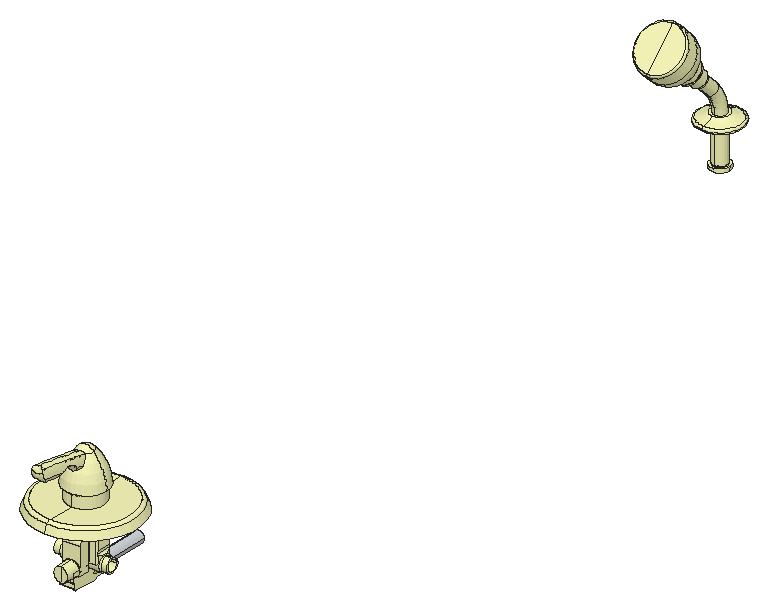
Revit family "9601-PLR", category Plumbing Fixtures, host Face, Revit 2019
Family settings
  Host = Face
  Round Connector Dimension = Use Diameter
  Part Type = Normal
  OmniClass Number = 23.65.70.11.11
  OmniClass Title = Fixtures for Liquids
  Cut with Voids When Loaded = No
  Shared = No
  Room Calculation Point = No
Parameters (values of type "1.2 GPM Flow Restrictor, Satin Nickel")
  z Wide Lever [instance] = 0
  z Visibility [instance] = yes
  z Valve [instance] = Shower_System_Valve-Symmons-Dia-Shower : Chrome
  z Type Model [instance] = 0
  z Type GPM = 0
  z Type [instance] = 0
  z Showerhead [instance] = Showerhead-Symmons-Dia_Single_Mode : Chrome
  z Reverse Core [instance] = 0
  z Pipe Radius = 0.000"
  z Overall Width = 0.000"
  z Overall Height [instance] = 0.000"
  z Overall Depth [instance] = 0.000"
  z Offset [instance] = 0.000"
  z Integral Service Stops [instance] = 0
  z Has Wide Lever Handle [instance] = yes
  z Has Volume Control [instance] = yes
  z Has Trim = no
  z Has Slip On Tub Spout [instance] = yes
  z Has Showerhead [instance] = yes
  z Has Reverse Core [instance] = yes
  z Has Rebuild Kit Trim Only = no
  z Has Integral Service Stops [instance] = yes
  z Has Check Stops [instance] = yes
  z Has 2.0 GPM Flow Restrictor [instance] = yes
  z Has 1.5 GPM Flow Restrictor [instance] = yes
  z Has .5 Inch Female Connections [instance] = yes
  z GPM Number = 0
  z GPM GPM = 0.000 GPM
  z Flow Rate [instance] = 0
  z Error Box Width [instance] = 0.000"
  z Error Box Height [instance] = 0.000"
  z Error Box Depth [instance] = 0.000"
  z .5 Inch Female Connections [instance] = 0
  z  Showerhead [instance] = 0
  Waste Connection = no
  Vent Connection = no
  URL = ""
  Product Material = Nickel - Symmons - Satin
  Model = ""
  Manufacturer = ""
  HW Connection = no
  Gallons Per Minute = 2.000 GPM
  Description = ""
  Default Elevation = 0.000"
  Date Modified = ""
  Date Created = ""
  CW Connection = no
Types (8): name | Product Material | Gallons Per Minute
  1.2 GPM Flow Restrictor, Chrome | Nickel - Symmons - Satin | 2.000 GPM
  1.2 GPM Flow Restrictor, Satin Nickel | Nickel - Symmons - Satin | 2.000 GPM
  1.5 GPM Flow Restrictor, Satin Nickel | Nickel - Symmons - Satin | 1.500 GPM
  1.75 GPM Flow Restrictor, Satin Nickel | Nickel - Symmons - Satin | 1.750 GPM
  2.0 GPM Flow Restrictor, Satin Nickel | Nickel - Symmons - Satin | 2.000 GPM
  1.5 GPM Flow Restrictor, Chrome | Chrome - Symmons - Polished | 1.500 GPM
  1.75 GPM Flow Restrictor, Chrome | Chrome - Symmons - Polished | 1.750 GPM
  2.0 GPM Flow Restrictor, Chrome | Chrome - Symmons - Polished | 2.000 GPM
Reference planes (in)
  plane 1 "Center (Front/Back)": y = 0
  plane 2 "Center (Elevation)": z = 0
  plane 3 "Center (Left/Right)": x = 0
  plane 4: x = -3.75
  plane 5: y = 28.5
  plane 6: x = 3.75
  plane 7: z = 0
  plane 8: z = 9.325
  plane 9: y = -12
  plane 10: y = 45
  plane 11: z = 0
Dimensions and locks (in)
  equal spacing: plane 4, plane 3 "Center (Left/Right)", plane 6
  plane 4 to plane 6 = 7.500"
  plane 5 to plane 1 "Center (Front/Back)" = 28.500"
  plane 7 to plane 2 "Center (Elevation)" = 0.000"
  plane 8 to plane 7 = 9.325"
  locked: plane 1 "Center (Front/Back)" to plane 9 at 12
  locked: plane 10 to plane 1 "Center (Front/Back)" at 45
  plane 11 to plane 7 = 0.000"
  plane 10 to plane 9 = 57.000"
  aligned and locked: plane 2 "Center (Elevation)" to host face
  aligned and locked: level to host face
Automatic sketch dimensions
  host sketch curve to host sketch curve = 7.44425"
  host sketch curve to host sketch curve = 60.71207"
Nested families (in)
  nested 1: "shower head" at (0, 48.73453, 0), type "Chrome"
    with z Pipe Radius 0.250", z Overall Width 2.500", z Overall Height 2.500", z Overall Depth 7.500", z Offset 1.000", Part Number "", Part Description "Single Mode Showerhead, 2.0 Flow Rate Restrictor, Chrome", Equipment Number ""
  nested 2: "M Valve&diverter" at (-0.00649, 3.69117, 0), type "Satin Nickel"
    with zz Length 9 4.000", zz Length 10 0.100", Part Number "3500-CYL-B", Part Description "Shower Valve System with Symmons Temptrol mixing valve,Chrome", Equipment Number ""
Connectors (in)
  piping at (0, 48.73453, -2.375), diameter 0.5
    settings: on nested 1, index 3, connector inside diameter 24", connector length 0.000", flow factor 0, pipe flow 0.000 GPM, pressure drop 0.00 psi, fitting loss kfactor 0, connector angle 0.000°, fixture units 0, engagement length 0.000", angle of deflection 0.000°, flow configuration 0, flow direction 0, fitting loss method 0, system type 29, joint type 0, gender type 0, connector reference index -1, connector utility 0, adjustable connector no, is connector primary yes, connector description "Shower Head Supply"
  piping at (-0.00649, 7.44117, -3.0625), diameter 0.5, driven by "Gallons Per Minute"
    settings: on nested 2, index 4, connector inside diameter 24", connector length 0.000", flow factor 0, pipe flow 2.000 GPM, pressure drop 0.00 psi, fitting loss kfactor 0, connector angle 0.000°, fixture units 0, engagement length 0.000", angle of deflection 0.000°, flow configuration 0, flow direction 0, fitting loss method 0, system type 29, joint type 0, gender type 0, connector reference index -1, connector utility 0, adjustable connector no, is connector primary no, connector description "Shower Head Supply"
  piping at (-1.12205, 3.69117, -2.3685), diameter 0.5, driven by "Gallons Per Minute"
    settings: on nested 2, index 5, connector inside diameter 24", connector length 0.000", flow factor 0, pipe flow 2.000 GPM, pressure drop 0.00 psi, fitting loss kfactor 0, connector angle 0.000°, fixture units 0, engagement length 0.000", angle of deflection 0.000°, flow configuration 0, flow direction 0, fitting loss method 0, system type 20, joint type 0, gender type 0, connector reference index -1, connector utility 0, adjustable connector no, is connector primary no, connector description "Cold Water Supply"
  piping at (1.02024, 3.69117, -2.3685), diameter 0.5, driven by "Gallons Per Minute"
    settings: on nested 2, index 6, connector inside diameter 24", connector length 0.000", flow factor 0, pipe flow 2.000 GPM, pressure drop 0.00 psi, fitting loss kfactor 0, connector angle 0.000°, fixture units 0, engagement length 0.000", angle of deflection 0.000°, flow configuration 0, flow direction 0, fitting loss method 0, system type 19, joint type 0, gender type 0, connector reference index -1, connector utility 0, adjustable connector no, is connector primary no, connector description "Hot Water Supply"
  piping at (-0.00649, 1.93917, -2.59375), diameter 0.5
    settings: on nested 2, index 7, connector inside diameter 24", connector length 0.000", flow factor 0, pipe flow 0.000 GPM, pressure drop 0.00 psi, fitting loss kfactor 0, connector angle 0.000°, fixture units 0, engagement length 0.000", angle of deflection 0.000°, flow configuration 0, flow direction 0, fitting loss method 0, system type 29, joint type 0, gender type 0, connector reference index -1, connector utility 0, adjustable connector no, is connector primary no, connector description "Faucet Supply"
Definition of nested family "shower head"
  Parameters (values of type "Chrome")
    z Type GPM = 2
    z Type Flow Restrictor = 1
    z Type Finish = 1
    z Pipe Radius [instance] = 0.500"
    z Overall Width [instance] = 2.500"
    z Overall Height [instance] = 2.500"
    z Overall Depth [instance] = 7.500"
    z Offset [instance] = 1.000"
    z GPM Number = 2
    z GPM GPM = 1.000 GPM
    URL = ""
    Product Page URL = ""
    Product Material = none
    Product Documentation Link = ""
    Part Number [instance] = ""
    Part Description [instance] = ""
    Model Disclaimer = ""
    Model = ""
    Manufacturer = ""
    Gallons Per Minute = 2.000 GPM
    Family Version = ""
    Equipment Number [instance] = ""
    Equipment Abbreviation = ""
    Description = ""
    Default Elevation = 77.000"
    Date Modified = ""
    Date Created = ""
    Copyright = ""
  Types (3): name | z Type GPM | z Type Flow Restrictor | z Type Finish | z Pipe Radius | z GPM Number | z GPM GPM | Gallons Per Minute | Default Elevation
    Chrome | 2 | 1 | 1 | 0.500" | 2 | 1.000 GPM | 2.000 GPM | 77.000"
    Satin Nickel | 0 | 0 | 0 | 0.250" | 0 | 0.000 GPM | 0.000 GPM | 0.000"
    Polished Chrome | 0 | 0 | 0 | 0.000" | 0 | 0.000 GPM | 0.000 GPM | 0.000"
  Reference planes (in)
    plane 1 "Center (Front/Back)": y = 0
    plane 2 "Center (Elevation)": z = 0
    plane 3 "Center (Left/Right)": x = 0
    plane 4: x = -1.25
    plane 5: y = 1.25
    plane 6: y = -1.25
    plane 7: x = 1.25
    plane 8: z = -1
    plane 9: z = 6.5
    plane 10: z = 0
    plane 11: y = -0.5
    plane 12: z = 0.33234
    plane 13: z = 0.15
    plane 14: y = -0.5695
  Forms (in)
    Extrusion 1, solid
      sketch origin (0, 0, 0) x (1, 0, 0) y (0, 1, 0)
        loop
          line (-1.75, 1.5) -> (-1.75, -1.77927) -> (1.52741, -1.77927) -> (1.52741, 1.5) -> (-1.75, 1.5)
      from 0 to -0.35383
    Revolve 2, solid, material <- "Product Material"
      sketch origin (0, 0, 0) x (0, 1, 0) y (0, 0, 1)
        loop
          line (0, 0.43) -> (-0.531, 0.43)
          arc (-0.531, 0.43) -> (-0.83077, 0.27718) -> (-1.152, 0.17705) r 1.98967
          arc (-1.152, 0.17705) -> (-1.22247, 0.13328) -> (-1.25, 0.05503) r 0.12497
          line (-1.25, 0.05503) -> (-1.25, 0) -> (-0.40524, 0) -> (-0.40524, -2.0983) -> (-0.37019, -2.11854) -> (-0.40524, -2.1364) -> (-0.40524, -2.16734) -> (-0.37033, -2.1875) -> (0, -2.1875) -> (0, 0.43)
        axis (0, -2.1875) -> (0, 0.43)
      angle from 0 to 360
    Revolve 3, solid, material <- "Product Material"
      sketch origin (0, 0, 0) x (0, 1, 0) y (0, 0, 1)
        loop
          line (-1.44893, 2.69442) -> (-4.27736, 5.52285) -> (-5.19512, 4.60509)
          arc (-5.19512, 4.60509) -> (-5.20669, 4.53512) -> (-5.17463, 4.47185) r 0.11397
          line (-5.17463, 4.47185) -> (-4.60328, 3.9005)
          arc (-4.60328, 3.9005) -> (-4.06, 3.55859) -> (-3.42138, 3.49354) r 1.40724
          arc (-3.42138, 3.49354) -> (-3.29656, 3.50007) -> (-3.18333, 3.44713) r 0.25784
          arc (-3.18333, 3.44713) -> (-3.16288, 3.42915) -> (-3.13674, 3.43676) r 0.02828
          line (-3.13674, 3.43676) -> (-3.09845, 3.47505) -> (-3.07648, 3.45308) -> (-3.11506, 3.4145) -> (-3.11506, 3.38343) -> (-3.08249, 3.416) -> (-3.02529, 3.4439) -> (-3.05483, 3.38834) -> (-3.03131, 3.36481) -> (-2.98876, 3.40736) -> (-2.96619, 3.38479) -> (-3.04685, 3.30413) -> (-2.85198, 3.10926) -> (-2.68557, 3.27567) -> (-2.66164, 3.24392) -> (-2.68364, 3.22193) -> (-2.636, 3.17429) -> (-2.67763, 3.13266) -> (-2.65558, 3.11061) -> (-2.7474, 3.01878)
          arc (-2.7474, 3.01878) -> (-2.70574, 3.00152) -> (-2.66407, 3.01878) r 0.05892
          line (-2.66407, 3.01878) -> (-2.54206, 3.14079)
          arc (-2.54206, 3.14079) -> (-2.44086, 3.09588) -> (-2.33184, 3.07652) r 0.45876
          line (-2.33184, 3.07652) -> (-2.26301, 3.00769) -> (-2.32244, 2.90048) -> (-1.92136, 2.49939) -> (-1.87345, 2.54729) -> (-1.85127, 2.52511) -> (-1.80643, 2.53464) -> (-1.81792, 2.49176) -> (-1.79616, 2.47) -> (-1.75329, 2.48149) -> (-1.76477, 2.43861) -> (-1.73476, 2.4086) -> (-1.44893, 2.69442)
        axis (-1.44893, 2.69442) -> (-4.27736, 5.52285)
      angle from 0 to 360
    Sweep 4, solid, material <- "Product Material"
      path origin (0, 0, 0) x (0, 1, 0) y (0, 0, 1)
        loop
          line (-1.4794, 2.72506) -> (-0.65089, 1.89655)
          arc (-0.65089, 1.89655) -> (-0.1891, 1.22379) -> (0, 0.43) r 2.23181
      profile origin (0, -1.06515, 2.3108) x (0, 0.707107, 0.707107) y (1, 0, 0)
        loop
          circle (-0.00012, 0) r 0.35413
    Extrusion 5, solid, material <- "Product Material"
      sketch origin (0, 0, 0) x (1, 0, 0) y (0, 1, 0)
        loop
          circle (0, 0) r 0.40524
        loop
          circle (0, 0) r 0.54462
      from -2.375 to -2.1875
  Lines and regions (in)
    Masking region 1
      outline origin (0, 0, 0) x (1, 0, 0) y (0, 0, 1)
        loop
          line (-1.25, 0) -> (-0.5, 0) -> (-0.5, -1) -> (0.5, -1) -> (0.5, 0) -> (1.25, 0) -> (1.25, 0.14959) -> (0.5695, 0.33234) -> (0.5, 0.33234) -> (0.5, 6.26256)
          spline (0.5, 6.26256) -> (0.53792, 6.27801) -> (0.5732, 6.29456) -> (0.60567, 6.31211) -> (0.63516, 6.33059) -> (0.66153, 6.3499) -> (0.68465, 6.36995) -> (0.70441, 6.39063) -> (0.72072, 6.41185) -> (0.73348, 6.43351) -> (0.74264, 6.45549) -> (0.74816, 6.47769) -> (0.75, 6.5)
          line (0.75, 6.5) -> (0.75, 7.07479) -> (1.25, 7.36347) -> (1.49591, 7.60938) -> (1.49591, 8.60938)
          spline (1.49591, 8.60938) -> (1.44494, 8.76866) -> (1.2955, 8.91709) -> (1.05777, 9.04454) -> (0.74795, 9.14235) -> (0.38717, 9.20383) -> (0, 9.2248) -> (-0.38717, 9.20383) -> (-0.74795, 9.14235) -> (-1.05777, 9.04454) -> (-1.2955, 8.91709) -> (-1.44494, 8.76866) -> (-1.49591, 8.60938)
          line (-1.49591, 8.60938) -> (-1.49591, 7.60938) -> (-1.25, 7.36347) -> (-0.75, 7.07479) -> (-0.75, 6.5)
          spline (-0.75, 6.5) -> (-0.74816, 6.47769) -> (-0.74264, 6.45549) -> (-0.73348, 6.43351) -> (-0.72072, 6.41185) -> (-0.70441, 6.39063) -> (-0.68465, 6.36995) -> (-0.66153, 6.3499) -> (-0.63516, 6.33059) -> (-0.60567, 6.31211) -> (-0.5732, 6.29456) -> (-0.53792, 6.27801) -> (-0.5, 6.26256)
          line (-0.5, 6.26256) -> (-0.5, 0.33234) -> (-0.5695, 0.33234) -> (-1.25, 0.14959) -> (-1.25, 0)
    symbolic lines, detail levels fine
      curve 1: line (-0.5, 0, 0.33234) -> (0.5, 0, 0.33234)
      curve 2: line (-1.25, 0, 0.14959) -> (1.25, 0, 0.14959)
      curve 3: spline (-0.5, 0, 6.26256) -> (-0.67885, 0, 6.36457) -> (-0.74948, 0, 6.48818) -> (-0.70063, 0, 6.61367) -> (-0.54008, 0, 6.72104) -> (-0.29343, 0, 6.79317) -> (0, 0, 6.81857) -> (0.29343, 0, 6.79317) -> (0.54008, 0, 6.72104) -> (0.70063, 0, 6.61367) -> (0.74948, 0, 6.48818) -> (0.67885, 0, 6.36457) -> (0.5, 0, 6.26256)
      curve 4: spline (-1.49591, 1.25, 7.60938) -> (-1.44494, 1.25, 7.80085) -> (-1.2955, 1.25, 7.97927) -> (-1.05777, 1.25, 8.13249) -> (-0.74795, 1.25, 8.25006) -> (-0.38717, 1.25, 8.32397) -> (0, 1.25, 8.34917) -> (0.38717, 1.25, 8.32397) -> (0.74795, 1.25, 8.25006) -> (1.05777, 1.25, 8.13249) -> (1.2955, 1.25, 7.97927) -> (1.44494, 1.25, 7.80085) -> (1.49591, 1.25, 7.60938)
      curve 5: spline (-0.5, 1.25, 6.5) -> (-0.48296, 1.25, 6.55497) -> (-0.43301, 1.25, 6.60619) -> (-0.35355, 1.25, 6.65017) -> (-0.25, 1.25, 6.68392) -> (-0.12941, 1.25, 6.70514) -> (0, 1.25, 6.71238) -> (0.12941, 1.25, 6.70514) -> (0.25, 1.25, 6.68392) -> (0.35355, 1.25, 6.65017) -> (0.43301, 1.25, 6.60619) -> (0.48296, 1.25, 6.55497) -> (0.5, 1.25, 6.5)
      curve 6: line (-0.5, 1.25, 6.5) -> (-0.5, 1.25, 6.26256)
      curve 7: line (0.5, 1.25, 6.5) -> (0.5, 1.25, 6.26256)
  Dimensions and locks (in)
    equal spacing: plane 4, plane 3 "Center (Left/Right)", plane 7
    "z Overall Width": plane 4 to plane 7
    equal spacing: plane 5, plane 1 "Center (Front/Back)", plane 6
    "z Overall Height": plane 5 to plane 6
    "z Overall Depth": plane 9 to plane 8
    plane 12 to plane 13 to plane 10 to plane 8 = 0.18234" locked, 0.150" locked, 1.000" locked
    plane 6 to plane 14 to plane 11 = 0.6805" locked, 0.0695" locked
    "z Offset": plane 2 "Center (Elevation)" to plane 8
    Masking region 1 sketch curve to Masking region 1 sketch curve to Masking region 1 sketch curve to Masking region 1 sketch curve to Masking region 1 sketch curve to plane 3 "Center (Left/Right)" to Masking region 1 sketch curve to Masking region 1 sketch curve to Masking region 1 sketch curve to Masking region 1 sketch curve to Masking region 1 sketch curve = 0.74591" locked, 0.1805" locked, 0.0695" locked, 0.000" locked, 0.500" locked, 0.500" locked, 0.000" locked, 0.0695" locked, 0.1805" locked, 0.74591" locked
    Masking region 1 sketch curve to Masking region 1 sketch curve to plane 2 "Center (Elevation)" = 0.000" locked, 0.33234" locked
    locked: curve 2 to plane 8 at 1.14959
    equal spacing: curve 1, plane 3 "Center (Left/Right)", curve 1
    locked: curve 1 to curve 1 at 1
    locked: curve 1 to plane 8 at 1.33234
    equal spacing: curve 3, plane 3 "Center (Left/Right)", curve 3
    locked: curve 3 to curve 3 at 1
    locked: curve 4 to plane 9 at 1.10938
    equal spacing: curve 4, plane 3 "Center (Left/Right)", curve 4
    locked: curve 4 to curve 4 at 2.99182
    curve 4 to curve 4 to plane 9 = 0.000" locked, 1.10938" locked
    Masking region 1 sketch curve to plane 9 to Masking region 1 sketch curve to Masking region 1 sketch curve to Masking region 1 sketch curve = 0.000" locked, 0.000" locked, 0.23744" locked, 0.000" locked
    plane 9 to curve 6 to curve 7 = 0.23744" locked, 0.000" locked
    aligned and locked: plane 2 "Center (Elevation)" to Extrusion 1
    aligned and locked: level to Extrusion 1
    aligned and locked: Revolve 2 sketch curve to plane 1 "Center (Front/Back)"
    aligned and locked: Masking region 1 sketch curve to plane 8
    aligned and locked: Masking region 1 sketch curve to plane 2 "Center (Elevation)"  (x2)
    aligned and locked: plane 7 to curve 2
    aligned and locked: plane 4 to curve 2
    aligned and locked: plane 9 to Masking region 1 sketch curve  (x2)
    aligned and locked: plane 3 "Center (Left/Right)" to Masking region 1 sketch curve  (x2)
    aligned and locked: plane 9 to curve 5  (x2)
    aligned and locked: plane 3 "Center (Left/Right)" to curve 5
    aligned and locked: plane 9 to curve 6
  Automatic sketch dimensions
    Extrusion 1 sketch curve to Extrusion 1 sketch curve = 3.27741"
    Extrusion 1 sketch curve to Extrusion 1 sketch curve = 3.27927"
    Masking region 1 sketch curve to plane 4 = 0.000"  (x2)
    Masking region 1 sketch curve to plane 7 = 0.000"  (x2)
    Masking region 1 sketch curve to Masking region 1 sketch curve = 0.14959"  (x2)
    Masking region 1 sketch curve to Masking region 1 sketch curve = 0.57479"  (x2)
    Masking region 1 sketch curve to Masking region 1 sketch curve = 0.28868"  (x2)
    Masking region 1 sketch curve to Masking region 1 sketch curve = 0.24591"  (x2)
    Masking region 1 sketch curve to Masking region 1 sketch curve = 1.000"
    curve 3 to plane 9 = 0.000"
    curve 3 to plane 3 "Center (Left/Right)" = 0.000"
    curve 3 to curve 3 = 0.250"
    curve 5 to curve 5 = 0.500"
    curve 3 to plane 9 = 0.23744"
    Revolve 2 sketch curve to level = 0.000"
    Revolve 2 sketch curve to plane 6 = 0.000"
    Revolve 2 sketch curve to plane 1 "Center (Front/Back)" = 0.000"
    Revolve 2 sketch curve to plane 6 = 0.33133"
    level to Revolve 2 sketch curve = 0.05503"
    plane 6 to Revolve 2 sketch curve = 0.12497"
    Revolve 2 sketch curve to plane 11 = 0.031"
    plane 11 to Revolve 2 sketch curve = 0.09476"
    Revolve 2 sketch curve to Revolve 2 sketch curve = 0.000"
    Revolve 2 sketch curve to Revolve 2 sketch curve = 0.03491"
    Revolve 2 sketch curve to plane 8 = 1.0983"
    Revolve 2 sketch curve to Revolve 2 sketch curve = 0.02016"
    plane 12 to Revolve 2 sketch curve = 0.09766"
    plane 12 to Revolve 2 sketch curve = 1.78751"
    Revolve 2 sketch curve to Revolve 2 sketch curve = 0.03505"
    Revolve 2 sketch curve to Revolve 2 sketch curve = 0.02024"
    Revolve 2 sketch curve to Revolve 2 sketch curve = 0.03095"
    Revolve 2 sketch curve to Revolve 2 sketch curve = 21.8125"
    plane 9 to Revolve 2 sketch curve = 79.77586"
    Revolve 2 sketch curve to Revolve 2 sketch curve = 0.03809"
    Revolve 3 sketch curve to plane 9 = 1.89491"
    Revolve 3 sketch curve to plane 6 = 3.94512"
    Revolve 3 sketch curve to plane 9 = 2.02815"
    Revolve 3 sketch curve to Revolve 3 sketch curve = 0.02049"
    Revolve 3 sketch curve to Revolve 3 sketch curve = 0.10108"
    Revolve 3 sketch curve to Revolve 3 sketch curve = 0.57135"  (x2)
    Revolve 3 sketch curve to plane 9 = 0.97715"  (x2)
    Revolve 3 sketch curve to Revolve 3 sketch curve = 0.81669"
    Revolve 3 sketch curve to Revolve 3 sketch curve = 0.67551"
    Revolve 3 sketch curve to Revolve 3 sketch curve = 1.25738"
    Revolve 3 sketch curve to Revolve 3 sketch curve = 0.18916"
    Revolve 3 sketch curve to Revolve 3 sketch curve = 0.020"  (x2)
    Revolve 3 sketch curve to Revolve 3 sketch curve = 0.02168"
    Revolve 3 sketch curve to Revolve 3 sketch curve = 0.03829"
    Revolve 3 sketch curve to Revolve 3 sketch curve = 0.03257"
    Revolve 3 sketch curve to Revolve 3 sketch curve = 0.02197"
    Revolve 3 sketch curve to Revolve 3 sketch curve = 0.02766"
    Revolve 3 sketch curve to Revolve 3 sketch curve = 0.00798"
    Revolve 3 sketch curve to Revolve 3 sketch curve = 0.02353"
    Revolve 3 sketch curve to Revolve 3 sketch curve = 0.05118"
    Revolve 3 sketch curve to Revolve 3 sketch curve = 0.03653"  (x2)
    Revolve 3 sketch curve to Revolve 3 sketch curve = 0.02257"
    Revolve 3 sketch curve to Revolve 3 sketch curve = 0.19487"
    Revolve 3 sketch curve to Revolve 3 sketch curve = 0.10458"
    Revolve 3 sketch curve to Revolve 3 sketch curve = 0.04167"  (x3)
    Revolve 3 sketch curve to Revolve 3 sketch curve = 0.02017"
    Revolve 3 sketch curve to Revolve 3 sketch curve = 0.00193"
    Revolve 3 sketch curve to Revolve 3 sketch curve = 0.02811"
    Revolve 3 sketch curve to Revolve 3 sketch curve = 0.02199"
    Revolve 3 sketch curve to Revolve 3 sketch curve = 0.02205"
    Revolve 3 sketch curve to Revolve 3 sketch curve = 0.04163"
    Revolve 3 sketch curve to Revolve 3 sketch curve = 0.09394"
    Revolve 3 sketch curve to Revolve 3 sketch curve = 0.21022"
    Revolve 3 sketch curve to Revolve 3 sketch curve = 0.0094"
    Revolve 3 sketch curve to Revolve 3 sketch curve = 0.35491"
    Revolve 3 sketch curve to Revolve 3 sketch curve = 0.06883"  (x2)
    Revolve 3 sketch curve to Revolve 3 sketch curve = 0.40108"
    Revolve 3 sketch curve to Revolve 3 sketch curve = 0.0479"
    Revolve 3 sketch curve to Revolve 3 sketch curve = 0.02219"
    Revolve 3 sketch curve to Revolve 3 sketch curve = 0.03334"  (x2)
    Revolve 3 sketch curve to Revolve 3 sketch curve = 0.01149"  (x2)
    Revolve 3 sketch curve to Revolve 3 sketch curve = 0.02176"  (x2)
    Revolve 3 sketch curve to Revolve 3 sketch curve = 0.03139"  (x2)
    Revolve 3 sketch curve to Revolve 3 sketch curve = 0.04287"  (x2)
    Revolve 3 sketch curve to Revolve 3 sketch curve = 0.03002"
    Revolve 3 sketch curve to plane 6 = 0.19893"
    Revolve 3 sketch curve to Revolve 3 sketch curve = 0.00763"
    Revolve 3 sketch curve to Revolve 3 sketch curve = 0.10722"
    Revolve 3 sketch curve to Revolve 3 sketch curve = 0.1183"
    Revolve 3 sketch curve to Revolve 3 sketch curve = 0.09048"
    Revolve 3 sketch curve to Revolve 3 sketch curve = 0.05016"
    Revolve 3 sketch curve to Revolve 3 sketch curve = 0.0335"
    Revolve 3 sketch curve to Revolve 3 sketch curve = 0.13773"
    Revolve 3 sketch curve to Revolve 3 sketch curve = 0.03175"
    Revolve 3 sketch curve to Revolve 3 sketch curve = 0.00491"
    Revolve 3 sketch curve to Revolve 3 sketch curve = 0.03106"
    Revolve 3 sketch curve to Revolve 3 sketch curve = 0.0015"
    Revolve 3 sketch curve to Revolve 3 sketch curve = 0.02226"
    Revolve 3 sketch curve to Revolve 3 sketch curve = 0.63369"
    Revolve 3 sketch curve to Revolve 3 sketch curve = 0.000"  (x3)
    Revolve 3 sketch curve to Revolve 3 sketch curve = 0.07548"
    Sweep 4 sketch curve to plane 1 "Center (Front/Back)" = 0.000"
    level to Sweep 4 sketch curve = 0.31842"
    Sweep 4 sketch curve to plane 6 = 0.97902"
    plane 6 to Sweep 4 sketch curve = 0.59911"
    Sweep 4 sketch curve to plane 6 = 0.2294"
    level to Sweep 4 sketch curve = 0.430"
    Sweep 4 sketch curve to Sweep 4 sketch curve = 0.82851"
    Sweep 4 sketch curve to plane 3 "Center (Left/Right)" = 0.000"
    profile plane to Sweep 4 sketch curve = 0.00012"
    Sweep 4 sketch curve to Sweep 4 sketch curve = 0.35413"
    Extrusion 5 sketch curve to Extrusion 5 sketch curve = 0.000"  (x2)
    plane 1 "Center (Front/Back)" to Extrusion 5 sketch curve = 0.000"
    Extrusion 5 sketch curve to plane 3 "Center (Left/Right)" = 0.000"
    radius of Extrusion 5 sketch curve = 0.40524"
    radius of Extrusion 5 sketch curve = 0.54462"
  Connectors (in)
    piping at (0, 0, -2.375), diameter 1
      settings: on Extrusion 5, index 1, connector inside diameter 24", connector length 0.000", flow factor 0, pipe flow 0.000 GPM, pressure drop 0.00 psi, fitting loss kfactor 0, connector angle 0.000°, fixture units 0, engagement length 0.000", angle of deflection 0.000°, flow configuration 0, flow direction 0, fitting loss method 0, system type 7, joint type 0, gender type 0, connector reference index -1, connector utility 0, adjustable connector no, is connector primary yes, connector description ""
Definition of nested family "M Valve&diverter"
  Parameters (values of type "Chrome")
    zz Text 2 = "None Selected"
    zz Text 1 = "None Selected"
    zz Length 9 [instance] = 4.000"  # constant formula
    zz Length 10 [instance] = 0.100"
    URL = "http://www.symmons.com/"
    Product Page URL = "http://www.symmons.com/Bathroom-Products/Dia/Symmons-Dia-Shower-Valve-3500-CYL-B.aspx"
    Product Material = none
    Product Documentation Link = "http://www.symmons.com/~/media/Files/Symmons/Products/Dia/3500CYL_Dia_sub.pdf"
    Part Number [instance] = Model  # "3500-CYL-B"
    Part Description [instance] = Description  # "Shower Valve System with Symmons Temptrol mixing valve,Chrome"
    Model Disclaimer = "Contact Symmons Industries, Inc. For More Information"  # constant formula
    Model = "3500-CYL-B"
    Manufacturer = "Symmons Industries, Inc."  # constant formula
    Family Version = "1.0"  # constant formula
    Equipment Number [instance] = ""
    Equipment Abbreviation = "SVS"
    Description = "Shower Valve System with Symmons Temptrol mixing valve,Chrome"
    Default Elevation = 0.000"  # constant formula
    Date Modified = "January 30, 2015"  # constant formula
    Date Created = "January 30, 2015"  # constant formula
    Copyright = "©2015 Symmons Industries, Inc."  # constant formula
  Types (2): name
    Chrome
    Satin Nickel
  Reference planes (in)
    plane 1 "Center (Front/Back)": y = 0
    plane 2 "Center (Elevation)": z = 0
    plane 3 "Center (Left/Right)": x = 0
    plane 4: x = -16
    plane 5: y = 3.75
    plane 6: y = -3.75
    plane 7: x = 16
    plane 8: z = 0
    plane 9: x = 3.25
    plane 10: x = -3.25
    plane 11: y = -5.75
  Forms (in)
    Extrusion 1, solid, material <- "Product Material"
      sketch origin (0, 0, 0) x (1, 0, 0) y (0, 1, 0)
        loop
          line (-3.25, 3.75) -> (-3.25, -3.75) -> (3.25, -3.75) -> (3.25, 3.75) -> (-3.25, 3.75)
      from 0 to -0.49403
    Revolve 2, solid, material <- "Product Material"
      sketch origin (0, 0, 0) x (0, 1, 0) y (0, 0, 1)
        loop
          arc (0.78273, -0.21014) -> (0.79592, -0.17085) -> (0.83013, -0.14747) r 0.06513
          arc (0.83013, -0.14747) -> (0.84009, -0.12344) -> (0.84348, -0.09765) r 0.09964
          line (0.84348, -0.09765) -> (0.84348, 0) -> (0, 0) -> (0, -2.3428) -> (0.57152, -2.3428) -> (0.57152, -1.79847)
          arc (0.57152, -1.79847) -> (0.58367, -1.75995) -> (0.61571, -1.73536) r 0.06717
          arc (0.61571, -1.73536) -> (0.64467, -1.71314) -> (0.65565, -1.67832) r 0.06069
          line (0.65565, -1.67832) -> (0.65565, -1.20182)
          arc (0.65565, -1.20182) -> (0.6595, -1.17998) -> (0.67059, -1.16078) r 0.06385
          arc (0.67059, -1.16078) -> (0.68279, -1.13963) -> (0.68703, -1.11559) r 0.07029
          line (0.68703, -1.11559) -> (0.68703, -0.86559)
          arc (0.68703, -0.86559) -> (0.70132, -0.82632) -> (0.72818, -0.79431) r 0.12032
          arc (0.72818, -0.79431) -> (0.74375, -0.77402) -> (0.74929, -0.74906) r 0.05908
          line (0.74929, -0.74906) -> (0.74929, -0.5749)
          arc (0.74929, -0.5749) -> (0.7572, -0.52575) -> (0.78273, -0.48301) r 0.13217
          line (0.78273, -0.48301) -> (0.78273, -0.21014)
        axis (0, 0) -> (0, -2.3428)
      angle from 0 to 360
    Extrusion 3, solid, material <- "Product Material"
      sketch origin (0, 0, 0) x (1, 0, 0) y (0, 1, 0)
        loop
          line (0.48392, 0.42426) -> (0.48392, -0.48198)
          arc (0.48392, -0.48198) -> (0.50866, -0.44973) -> (0.54744, -0.4375) r 0.0676
          line (0.54744, -0.4375) -> (0.91492, -0.4375)
          arc (0.91492, -0.4375) -> (0.98057, -0.42784) -> (1.02672, -0.38015) r 0.10307
          arc (1.02672, -0.38015) -> (1.112, 0) -> (1.02672, 0.38015) r 0.88995
          arc (1.02672, 0.38015) -> (0.97002, 0.41289) -> (0.90554, 0.42426) r 0.18853
          line (0.90554, 0.42426) -> (0.48392, 0.42426)
      from -2.3428 to -0.48301
    Extrusion 4, void
      sketch origin (0, 0, 0) x (1, 0, 0) y (0, 0, 1)
        loop
          arc (1.12128, -0.64291) -> (1.05254, -0.69934) -> (1.02672, -0.78444) r 0.15319
          line (1.02672, -0.78444) -> (1.02672, -1.625) -> (1.00118, -1.76989)
          arc (1.00118, -1.76989) -> (1.0257, -1.88053) -> (1.12128, -1.94142) r 0.14807
          line (1.12128, -1.94142) -> (1.12128, -0.64291)
      from -0.53605 to 0.48198
    Extrusion 5, solid, material <- "Product Material"
      sketch origin (0, 0, 0) x (0, 1, 0) y (0, 0, 1)
        loop
          line (-0.45569, -0.88434) -> (-0.80233, -1.04779)
          arc (-0.80233, -1.04779) -> (-0.93476, -1.17702) -> (-0.98338, -1.35555) r 0.35209
          line (-0.98338, -1.35555) -> (-0.98338, -2.36089)
          arc (-0.98338, -2.36089) -> (-1.01729, -2.59628) -> (-1.11624, -2.81253) r 0.83411
          line (-1.11624, -2.81253) -> (-0.45569, -2.81253) -> (-0.45569, -0.88434)
      from -0.48892 to 0.48392
    Revolve 6, solid, material <- "Product Material"
      sketch origin (0, 0, 0) x (1, 0, 0) y (0, 0, 1)
        loop
          line (-1.5, -2.375) -> (0, -2.375) -> (0, -1.93862) -> (-1.11556, -1.93862) -> (-1.15085, -1.99974) -> (-1.5, -1.99974) -> (-1.5, -2.375)
        axis (-1.5, -2.375) -> (0, -2.375)
      angle from 0 to 360
    Revolve 7, solid, material <- "Product Material"
      sketch origin (0, 0, 0) x (-1, 0, 0) y (0, 0, 1)
        loop
          line (-1.5, -2.375) -> (0, -2.375) -> (0, -1.93862) -> (-1.11556, -1.93862) -> (-1.15085, -1.99974) -> (-1.5, -1.99974) -> (-1.5, -2.375)
        axis (-1.5, -2.375) -> (0, -2.375)
      angle from 0 to 360
    Revolve 8, solid, material <- "Product Material"
      sketch origin (0, 0, 0) x (0, 1, 0) y (0, 0, 1)
        loop
          line (-1.752, -2.59375) -> (-0.9385, -2.59375) -> (-0.92928, -2.10687) -> (-0.9625, -2.10687)
          arc (-0.9625, -2.10687) -> (-0.98073, -2.15089) -> (-1.02475, -2.16912) r 0.06225
          line (-1.02475, -2.16912) -> (-1.752, -2.19419) -> (-1.752, -2.59375)
        axis (-1.752, -2.59375) -> (-0.92928, -2.59375)
      angle from 0 to 360
    Extrusion 9, solid, material <- "Product Material"
      sketch origin (0, 0, 0) x (0, 1, 0) y (0, 0, 1)
        loop
          arc (-1.42289, -3.00473) -> (-1.34077, -3.03875) -> (-1.30675, -3.12087) r 0.11615
          line (-1.30675, -3.12087) -> (-1.30675, -3.38372)
          arc (-1.30675, -3.38372) -> (-1.28934, -3.42574) -> (-1.24732, -3.44315) r 0.05943
          line (-1.24732, -3.44315) -> (0, -3.5)
          arc (0, -3.5) -> (0.14006, -3.49083) -> (0.27481, -3.45154) r 0.64421
          arc (0.27481, -3.45154) -> (0.43086, -3.39856) -> (0.5925, -3.36642) r 1.25845
          line (0.5925, -3.36642) -> (0.5925, -2.61642)
          arc (0.5925, -2.61642) -> (0.48406, -2.62305) -> (0.41944, -2.53572) r 0.11385
          line (0.41944, -2.53572) -> (-1.42289, -2.53572) -> (-1.42289, -3.00473)
      from -0.435 to 0.435
    Revolve 10, solid, material <- "Product Material"
      sketch origin (0, 0, 0) x (0, 1, 0) y (0, 0, 1)
        loop
          line (3.75, -2.7503) -> (1.30968, -2.7503) -> (1.30968, -2.68666) -> (1.28596, -2.66294) -> (0.03673, -2.61932) -> (0.02125, -3.0625) -> (3.75, -3.0625) -> (3.75, -2.7503)
        axis (3.75, -3.0625) -> (0.02125, -3.0625)
      angle from 0 to 360
    Extrusion 11, void
      sketch origin (0, 0, 0) x (0, 1, 0) y (0, 0, 1)
        loop
          circle (0, -2.3685) r 0.32942
      from 1.02672 to 1.55897
    Extrusion 12, void
      sketch origin (0, 0, 0) x (0, 1, 0) y (0, 0, 1)
        loop
          circle (0, -2.3685) r 0.31609
      from -1.52114 to -1.11556
    Extrusion 13, void
      sketch origin (0, 0, 0) x (1, 0, 0) y (0, 0, 1)
        loop
          circle (0, -3.0625) r 0.29035
      from -3.97508 to -1.47369
    Extrusion 14, solid, material <- "Product Material"
      sketch origin (0, 0, 0) x (1, 0, 0) y (0, 1, 0)
        loop
          arc (1.08564, 0.21875) -> (1.02508, 0.24383) -> (1, 0.30439) r 0.08564
          line (1, 0.30439) -> (1, -0.30345)
          arc (1, -0.30345) -> (1.02481, -0.24356) -> (1.0847, -0.21875) r 0.0847
          line (1.0847, -0.21875) -> (1.43326, -0.21875)
          arc (1.43326, -0.21875) -> (1.47484, -0.20186) -> (1.5, -0.16471) r 0.07721
          line (1.5, -0.16471) -> (1.5, 0.15076)
          arc (1.5, 0.15076) -> (1.48008, 0.19883) -> (1.43201, 0.21875) r 0.06799
          line (1.43201, 0.21875) -> (1.08564, 0.21875)
      from -0.65249 to -0.48301
    Extrusion 15, solid, material <- "Product Material"
      sketch origin (0, 0, 0) x (-1, 0, 0) y (0, -1, 0)
        loop
          line (1.08564, -0.21875) -> (1.43201, -0.21875)
          arc (1.43201, -0.21875) -> (1.48008, -0.19883) -> (1.5, -0.15076) r 0.06799
          line (1.5, -0.15076) -> (1.5, 0.16471)
          arc (1.5, 0.16471) -> (1.47484, 0.20186) -> (1.43326, 0.21875) r 0.07721
          line (1.43326, 0.21875) -> (1.0847, 0.21875)
          arc (1.0847, 0.21875) -> (1.02481, 0.24356) -> (1, 0.30345) r 0.0847
          line (1, 0.30345) -> (1, -0.30439)
          arc (1, -0.30439) -> (1.02508, -0.24383) -> (1.08564, -0.21875) r 0.08564
      from -0.65249 to -0.48301
    Extrusion 16, solid, material <- "Product Material", not visible
      sketch origin (1.5, 0, -2.375) x (0, 1, 0) y (0, 0, 1)
        loop
          circle (0, 0) r 0.4
      from -3.09491 to 0.07078
    Extrusion 17, solid
      sketch origin (0, 0, 0) x (1, 0, 0) y (0, 0, 1)
        loop
          circle (0, -3.0625) r 0.3122
      from -3.75 to -1.30968
  Cuts and joins
    Extrusion 4, Extrusion 11, Extrusion 12 cuts Extrusion 3
    Extrusion 11, Extrusion 12 cuts Revolve 2
    Extrusion 11, Extrusion 12, Extrusion 13 cuts Revolve 6
    Extrusion 11, Extrusion 12, Extrusion 13 cuts Revolve 7
    Extrusion 11, Extrusion 12, Extrusion 13 cuts Extrusion 9
    Extrusion 11, Extrusion 12, Extrusion 13 cuts Revolve 10
    Extrusion 13 cuts Revolve 8
  Dimensions and locks (in)
    equal spacing: plane 4, plane 3 "Center (Left/Right)", plane 7, locked at 16 each
    plane 4 to plane 7 = 32.000"
    equal spacing: plane 5, plane 1 "Center (Front/Back)", plane 6
    locked: plane 5 to plane 6 at 7.5
    equal spacing: plane 10, plane 3 "Center (Left/Right)", plane 9
    locked: plane 10 to plane 9 at 6.5
    locked: plane 6 to plane 11 at 2
    aligned and locked: plane 2 "Center (Elevation)" to Extrusion 1
    aligned and locked: level to Extrusion 1
  Automatic sketch dimensions
    Extrusion 1 sketch curve to Extrusion 1 sketch curve = 6.500"
    Extrusion 1 sketch curve to Extrusion 1 sketch curve = 7.500"
    Revolve 2 sketch curve to plane 1 "Center (Front/Back)" = 0.000"  (x2)
    Revolve 2 sketch curve to level = 0.000"  (x2)
    Revolve 2 sketch curve to plane 1 "Center (Front/Back)" = 0.57152"
    Revolve 2 sketch curve to Revolve 2 sketch curve = 0.02344"
    Revolve 2 sketch curve to Revolve 2 sketch curve = 0.02178"
    Revolve 2 sketch curve to Revolve 2 sketch curve = 0.06717"
    Revolve 2 sketch curve to Revolve 2 sketch curve = 0.03891"
    Revolve 2 sketch curve to Revolve 2 sketch curve = 0.07029"
    Revolve 2 sketch curve to Revolve 2 sketch curve = 0.00318"
    Revolve 2 sketch curve to Revolve 2 sketch curve = 0.06385"
    Revolve 2 sketch curve to level = 0.09765"
    Revolve 2 sketch curve to Revolve 2 sketch curve = 0.05364"
    Revolve 2 sketch curve to Revolve 2 sketch curve = 0.05908"
    Revolve 2 sketch curve to Revolve 2 sketch curve = 0.03345"
    Revolve 2 sketch curve to Revolve 2 sketch curve = 0.11849"
    Revolve 2 sketch curve to Revolve 2 sketch curve = 0.09964"
    Revolve 2 sketch curve to Revolve 2 sketch curve = 0.06513"
    Revolve 2 sketch curve to Revolve 2 sketch curve = 0.09866"
    Revolve 2 sketch curve to Revolve 2 sketch curve = 0.11248"
    Revolve 2 sketch curve to Revolve 2 sketch curve = 0.27287"
    Revolve 2 sketch curve to Revolve 2 sketch curve = 0.08794"
    Revolve 2 sketch curve to Revolve 2 sketch curve = 0.17415"
    Revolve 2 sketch curve to Revolve 2 sketch curve = 0.11653"
    Revolve 2 sketch curve to Revolve 2 sketch curve = 0.02089"
    Revolve 2 sketch curve to Revolve 2 sketch curve = 0.250"
    Revolve 2 sketch curve to Revolve 2 sketch curve = 0.08623"
    Revolve 2 sketch curve to Revolve 2 sketch curve = 0.47651"
    Revolve 2 sketch curve to Revolve 2 sketch curve = 0.12015"
    Revolve 2 sketch curve to Revolve 2 sketch curve = 0.54433"
    Revolve 2 sketch curve to Revolve 2 sketch curve = 1.54875"
    plane 1 "Center (Front/Back)" to Extrusion 3 sketch curve = 0.000"
    plane 3 "Center (Left/Right)" to Extrusion 3 sketch curve = 0.22205"
    plane 3 "Center (Left/Right)" to Extrusion 3 sketch curve = 0.48392"
    Extrusion 3 sketch curve to Extrusion 3 sketch curve = 0.06352"
    Extrusion 3 sketch curve to Extrusion 3 sketch curve = 0.42162"
    Extrusion 3 sketch curve to Extrusion 3 sketch curve = 0.36748"
    Extrusion 3 sketch curve to Extrusion 3 sketch curve = 0.01862"
    plane 1 "Center (Front/Back)" to Extrusion 3 sketch curve = 0.33613"
    Extrusion 3 sketch curve to Extrusion 3 sketch curve = 0.10137"
    Extrusion 3 sketch curve to Extrusion 3 sketch curve = 0.04448"
    Extrusion 3 sketch curve to plane 1 "Center (Front/Back)" = 0.23573"
    Extrusion 3 sketch curve to Extrusion 3 sketch curve = 0.18853"
    Extrusion 3 sketch curve to Extrusion 3 sketch curve = 0.12119"
    plane 3 "Center (Left/Right)" to Extrusion 4 sketch curve = 1.00118"
    Extrusion 4 sketch curve to Extrusion 4 sketch curve = 0.02555"
    Extrusion 4 sketch curve to Extrusion 4 sketch curve = 0.12011"
    Extrusion 4 sketch curve to Extrusion 4 sketch curve = 0.14582"  (x2)
    Extrusion 4 sketch curve to Extrusion 4 sketch curve = 0.15319"
    Extrusion 4 sketch curve to level = 1.94142"
    Extrusion 4 sketch curve to Extrusion 4 sketch curve = 0.14489"
    Extrusion 4 sketch curve to level = 0.78444"
    plane 1 "Center (Front/Back)" to Extrusion 5 sketch curve = 1.8175"
    Extrusion 5 sketch curve to Extrusion 5 sketch curve = 0.70126"
    plane 1 "Center (Front/Back)" to Extrusion 5 sketch curve = 0.98338"
    Extrusion 5 sketch curve to Extrusion 5 sketch curve = 0.18106"
    Extrusion 5 sketch curve to Extrusion 5 sketch curve = 0.17103"
    Extrusion 5 sketch curve to Extrusion 5 sketch curve = 0.34663"
    Extrusion 5 sketch curve to level = 2.81253"
    Extrusion 5 sketch curve to Extrusion 5 sketch curve = 1.00534"
    Extrusion 5 sketch curve to Extrusion 5 sketch curve = 0.16345"
    Revolve 6 sketch curve to plane 3 "Center (Left/Right)" = 0.000"  (x2)
    Revolve 6 sketch curve to plane 3 "Center (Left/Right)" = 1.11556"
    Revolve 6 sketch curve to Revolve 6 sketch curve = 0.03529"
    Revolve 6 sketch curve to Revolve 6 sketch curve = 0.34915"
    Revolve 6 sketch curve to level = 2.375"
    Revolve 6 sketch curve to Revolve 6 sketch curve = 0.37526"
    Revolve 6 sketch curve to Revolve 6 sketch curve = 0.43638"
    Revolve 6 sketch curve to Revolve 6 sketch curve = 0.000"  (x2)
    Revolve 7 sketch curve to plane 3 "Center (Left/Right)" = 0.000"  (x2)
    Revolve 7 sketch curve to Revolve 7 sketch curve = 1.11556"
    Revolve 7 sketch curve to Revolve 7 sketch curve = 0.03529"
    Revolve 7 sketch curve to Revolve 7 sketch curve = 0.34915"
    level to Revolve 7 sketch curve = 2.375"
    Revolve 7 sketch curve to Revolve 7 sketch curve = 0.37526"
    Revolve 7 sketch curve to Revolve 7 sketch curve = 0.43638"
    Revolve 7 sketch curve to Revolve 7 sketch curve = 0.000"  (x2)
    Revolve 8 sketch curve to plane 1 "Center (Front/Back)" = 0.000"
    plane 1 "Center (Front/Back)" to Revolve 8 sketch curve = 0.92928"
    Revolve 8 sketch curve to Revolve 8 sketch curve = 0.00922"
    Revolve 8 sketch curve to Revolve 8 sketch curve = 0.03322"
    Revolve 8 sketch curve to Revolve 8 sketch curve = 0.06225"
    Revolve 8 sketch curve to Revolve 8 sketch curve = 0.72725"
    Revolve 8 sketch curve to level = 2.59375"
    Revolve 8 sketch curve to Revolve 8 sketch curve = 0.39956"
    Revolve 8 sketch curve to Revolve 8 sketch curve = 0.42463"
    Revolve 8 sketch curve to Revolve 8 sketch curve = 0.000"  (x2)
    Extrusion 9 sketch curve to plane 1 "Center (Front/Back)" = 0.000"
    plane 1 "Center (Front/Back)" to Extrusion 9 sketch curve = 1.24732"
    Extrusion 9 sketch curve to Extrusion 9 sketch curve = 0.05943"
    Extrusion 9 sketch curve to Extrusion 9 sketch curve = 0.11615"
    Extrusion 9 sketch curve to plane 1 "Center (Front/Back)" = 0.0282"
    Extrusion 9 sketch curve to plane 1 "Center (Front/Back)" = 0.41944"
    Extrusion 9 sketch curve to Extrusion 9 sketch curve = 0.11274"
    Extrusion 9 sketch curve to plane 1 "Center (Front/Back)" = 0.5925"
    Extrusion 9 sketch curve to plane 1 "Center (Front/Back)" = 0.75657"
    Extrusion 9 sketch curve to level = 4.61413"
    Extrusion 9 sketch curve to Extrusion 9 sketch curve = 1.11413"
    Extrusion 9 sketch curve to Extrusion 9 sketch curve = 0.05685"
    Extrusion 9 sketch curve to Extrusion 9 sketch curve = 0.13358"
    Extrusion 9 sketch curve to Extrusion 9 sketch curve = 0.26285"
    Extrusion 9 sketch curve to Extrusion 9 sketch curve = 0.6436"
    Extrusion 9 sketch curve to Extrusion 9 sketch curve = 0.23998"
    Extrusion 9 sketch curve to Extrusion 9 sketch curve = 0.0807"
    Revolve 10 sketch curve to plane 1 "Center (Front/Back)" = 0.000"
    Revolve 10 sketch curve to plane 5 = 0.000"  (x2)
    Revolve 10 sketch curve to plane 1 "Center (Front/Back)" = 0.02125"
    Revolve 10 sketch curve to plane 1 "Center (Front/Back)" = 0.03673"
    Revolve 10 sketch curve to Revolve 10 sketch curve = 1.24924"
    Revolve 10 sketch curve to Revolve 10 sketch curve = 0.02372"  (x2)
    Revolve 10 sketch curve to level = 3.0625"
    Revolve 10 sketch curve to Revolve 10 sketch curve = 0.3122"
    Revolve 10 sketch curve to Revolve 10 sketch curve = 0.06364"
    Revolve 10 sketch curve to Revolve 10 sketch curve = 0.000"
    Extrusion 11 sketch curve to plane 1 "Center (Front/Back)" = 0.000"
    Extrusion 11 sketch curve to level = 2.3685"
    Extrusion 12 sketch curve to plane 1 "Center (Front/Back)" = 0.000"
    Extrusion 12 sketch curve to level = 2.3685"
    Extrusion 13 sketch curve to plane 3 "Center (Left/Right)" = 0.000"
    Extrusion 13 sketch curve to level = 3.0625"
    plane 1 "Center (Front/Back)" to Extrusion 14 sketch curve = 0.30345"
    plane 3 "Center (Left/Right)" to Extrusion 14 sketch curve = 1.000"
    Extrusion 14 sketch curve to Extrusion 14 sketch curve = 0.0847"
    Extrusion 14 sketch curve to Extrusion 14 sketch curve = 0.08564"  (x2)
    Extrusion 14 sketch curve to Extrusion 14 sketch curve = 0.34155"
    Extrusion 14 sketch curve to plane 1 "Center (Front/Back)" = 0.21875"
    Extrusion 14 sketch curve to Extrusion 14 sketch curve = 0.34637"
    Extrusion 14 sketch curve to Extrusion 14 sketch curve = 0.00702"
    Extrusion 14 sketch curve to Extrusion 14 sketch curve = 0.07375"
    Extrusion 14 sketch curve to Extrusion 14 sketch curve = 0.05404"
    Extrusion 14 sketch curve to Extrusion 14 sketch curve = 0.000"
    Extrusion 15 sketch curve to plane 1 "Center (Front/Back)" = 0.30345"
    plane 3 "Center (Left/Right)" to Extrusion 15 sketch curve = 1.000"
    Extrusion 15 sketch curve to Extrusion 15 sketch curve = 0.0847"
    Extrusion 15 sketch curve to Extrusion 15 sketch curve = 0.08564"  (x2)
    Extrusion 15 sketch curve to Extrusion 15 sketch curve = 0.34155"
    plane 1 "Center (Front/Back)" to Extrusion 15 sketch curve = 0.21875"
    Extrusion 15 sketch curve to Extrusion 15 sketch curve = 0.34637"
    Extrusion 15 sketch curve to Extrusion 15 sketch curve = 0.00702"
    Extrusion 15 sketch curve to Extrusion 15 sketch curve = 0.07375"
    Extrusion 15 sketch curve to Extrusion 15 sketch curve = 0.05404"
    Extrusion 15 sketch curve to Extrusion 15 sketch curve = 0.000"
    Extrusion 17 sketch curve to plane 3 "Center (Left/Right)" = 0.000"
    Extrusion 17 sketch curve to level = 3.0625"
    radius of Extrusion 11 sketch curve = 0.32942"
    radius of Extrusion 12 sketch curve = 0.31609"
    radius of Extrusion 13 sketch curve = 0.29035"
    radius of Revolve 7 to Extrusion 16 sketch curve = 0.02474"
    radius of Extrusion 17 sketch curve = 0.3122"
  Nested families (in)
    nested 1: "diverter" at (0, 0, 0), type "Chrome"
      with zz Length 9 0.000", zz Length 10 0.100", Part Number "3500-CYL-B", Part Description "Shower Valve System with Symmons Temptrol mixing valve,Chrome", Equipment Number ""
  Connectors (in)
    piping at (0, -1.752, -2.59375), diameter 0.5
      settings: on cut or joined group of Revolve 8, Extrusion 13, index 3, connector inside diameter 24", connector length 0.000", flow factor 0, pipe flow 0.000 GPM, pressure drop 0.00 psi, fitting loss kfactor 0, connector angle 0.000°, fixture units 0, engagement length 0.000", angle of deflection 0.000°, flow configuration 0, flow direction 0, fitting loss method 0, system type 7, joint type 0, gender type 0, connector reference index -1, connector utility 0, adjustable connector no, is connector primary yes, connector description "Tub Spout Supply"
    piping at (1.57078, 0, -2.375), diameter 0.5
      settings: on Extrusion 16, index 4, connector inside diameter 24", connector length 0.000", flow factor 0, pipe flow 0.000 GPM, pressure drop 0.00 psi, fitting loss kfactor 0, connector angle 0.000°, fixture units 0, engagement length 0.000", angle of deflection 0.000°, flow configuration 0, flow direction 0, fitting loss method 0, system type 22, joint type 0, gender type 0, connector reference index -1, connector utility 0, adjustable connector no, is connector primary no, connector description "Cold Water Supply"
    piping at (-1.59491, 0, -2.375), diameter 0.5
      settings: on Extrusion 16, index 5, connector inside diameter 24", connector length 0.000", flow factor 0, pipe flow 0.000 GPM, pressure drop 0.00 psi, fitting loss kfactor 0, connector angle 0.000°, fixture units 0, engagement length 0.000", angle of deflection 0.000°, flow configuration 0, flow direction 0, fitting loss method 0, system type 19, joint type 0, gender type 0, connector reference index -1, connector utility 0, adjustable connector no, is connector primary no, connector description "Hot water supply"
    piping at (0, 3.75, -3.0625), diameter 0.5
      settings: on Extrusion 17, index 6, connector inside diameter 24", connector length 0.000", flow factor 0, pipe flow 0.000 GPM, pressure drop 0.00 psi, fitting loss kfactor 0, connector angle 0.000°, fixture units 0, engagement length 0.000", angle of deflection 0.000°, flow configuration 0, flow direction 0, fitting loss method 0, system type 7, joint type 0, gender type 0, connector reference index -1, connector utility 0, adjustable connector no, is connector primary no, connector description ""
  Definition of nested family "diverter"
    Parameters (values of type "Satin Nickel")
      zz Text 2 = "None Selected"
      zz Text 1 = "None Selected"
      zz Length 9 [instance] = 0.000"  # constant formula
      zz Length 10 [instance] = 0.000"
      Waste Connection = no
      Vent Connection = no
      URL = ""
      Product Page URL = ""
      Product Material = none
      Product Documentation Link = ""
      Part Number [instance] = ""
      Part Description [instance] = ""
      Model Disclaimer = ""
      Model = ""
      Manufacturer = ""
      HW Connection = no
      Family Version = ""
      Equipment Number [instance] = ""
      Equipment Abbreviation = ""
      Description = ""
      Default Elevation = 0.000"  # constant formula
      Date Modified = ""
      Date Created = ""
      Copyright = ""
      CW Connection = no
    Types (2): name
      Polished Chrome
      Satin Nickel
    Reference planes (in)
      plane 1 "Center (Front/Back)": y = 0
      plane 2 "Center (Elevation)": z = 0
      plane 3 "Center (Left/Right)": x = 0
    Forms (in)
      Extrusion 1, solid, material <- "Product Material", not visible
        sketch origin (0, 0, 0) x (1, 0, 0) y (0, 1, 0)
          loop
            line (-3.25, 3.75) -> (-3.25, -3.75) -> (3.25, -3.75) -> (3.25, 3.75) -> (-3.25, 3.75)
        from 0 to -0.49403
      Revolve 2, solid, material <- "Product Material"
        sketch origin (0, 0, 0) x (1, 0, 0) y (0, 0, 1)
          loop
            line (0, 1.32575) -> (0, 3.29294)
            arc (0, 3.29294) -> (-0.26223, 3.22792) -> (-0.46371, 3.04793) r 0.56132
            arc (-0.46371, 3.04793) -> (-0.97637, 2.2511) -> (-1.18004, 1.32575) r 2.68262
            line (-1.18004, 1.32575) -> (0, 1.32575)
          axis (0, 1.32575) -> (0, 3.29294)
        angle from 0 to 360
      Sweep 3, solid, material <- "Product Material"
        path origin (0, 0, 0) x (0, 1, 0) y (0, 0, 1)
          loop
            spline (-3.46104, 3.64859) -> (-2.7314, 3.54557) -> (-2.31762, 3.48227) -> (-2.05814, 3.43692) -> (-1.8128, 3.39104) -> (-1.56301, 3.34459) -> (-1.33191, 3.3037) -> (-1.12101, 3.26778) -> (-0.91375, 3.23067) -> (-0.69389, 3.18625) -> (-0.44827, 3.12911) -> (-0.15184, 3.03897) -> (0.27347, 2.83202)
        profile origin (0, -1.33191, 3.3037) x (0, 0.168931, 0.985628) y (1, 0, 0)
          loop
            arc (-0.82742, 0) -> (-0.75571, -0.21852) -> (-0.58525, -0.37291) r 0.44918
            arc (-0.58525, -0.37291) -> (-0.32566, -0.3437) -> (-0.07626, -0.26597) r 1.3764
            arc (-0.07626, -0.26597) -> (-0.01085, -0.14081) -> (0, 0) r 0.35132
            arc (0, 0) -> (-0.01085, 0.14081) -> (-0.07626, 0.26597) r 0.35132
            arc (-0.07626, 0.26597) -> (-0.32566, 0.3437) -> (-0.58525, 0.37291) r 1.3764
            arc (-0.58525, 0.37291) -> (-0.75571, 0.21852) -> (-0.82742, 0) r 0.44918
      Revolve 4, void
        sketch origin (0, 0, 0) x (0, 1, 0) y (0, 0, 1)
          loop
            arc (-0.95581, 2.28645) -> (-0.96929, 2.34342) -> (-0.98932, 2.39844) r 0.50162
            arc (-0.98932, 2.39844) -> (-1.40662, 2.81321) -> (-1.99486, 2.82526) r 0.79126
            line (-1.99486, 2.82526) -> (-2.55581, 2.71622)
            arc (-2.55581, 2.71622) -> (-2.71348, 2.71297) -> (-2.87024, 2.7302) r 1.21378
            arc (-2.87024, 2.7302) -> (-3.02083, 2.76634) -> (-3.16589, 2.82059) r 1.2673
            arc (-3.16589, 2.82059) -> (-3.37699, 3.01068) -> (-3.43607, 3.28854) r 0.45972
            arc (-3.43607, 3.28854) -> (-3.35265, 3.50817) -> (-3.1716, 3.6579) r 0.45972
            line (-3.1716, 3.6579) -> (-3.86299, 3.76709) -> (-4.02039, 2.77044) -> (-0.95581, 2.28645)
          axis (-0.79841, 3.2831) -> (-3.86299, 3.76709)
        angle from -75.816 to 75.039
      Revolve 5, solid, material <- "Product Material"
        sketch origin (0, 0, 0) x (0, 1, 0) y (0, 0, 1)
          loop
            line (0, 2.22775) -> (-0.16651, 2.22775) -> (-0.20247, 2.19179) -> (-0.20247, 1.69179) -> (-0.2295, 1.66476) -> (-0.2295, 1.57075) -> (-0.33051, 1.57075) -> (-0.33051, 1.45083) -> (-0.37303, 1.40831) -> (-0.37303, 1.37325) -> (-0.40664, 1.37325) -> (-0.48106, 1.29883) -> (-0.50016, 1.26575) -> (-0.96713, 1.26575)
            arc (-0.96713, 1.26575) -> (-1.00171, 1.25143) -> (-1.01603, 1.21685) r 0.0489
            line (-1.01603, 1.21685) -> (-1.01603, 0.54853) -> (-2.52384, 0.54853)
            arc (-2.52384, 0.54853) -> (-2.64884, 0.51387) -> (-2.73813, 0.41977) r 0.2427
            line (-2.73813, 0.41977) -> (-2.90773, 0) -> (-2.75674, 0) -> (-2.59168, 0.40853) -> (0, 0.40853) -> (0, 2.22775)
          axis (0, 2.22775) -> (0, 0)
        angle from 0 to 360
    Cuts and joins
      Revolve 4 cuts Sweep 3
    Dimensions and locks (in)
      aligned and locked: plane 2 "Center (Elevation)" to Extrusion 1
      aligned and locked: level to Extrusion 1
